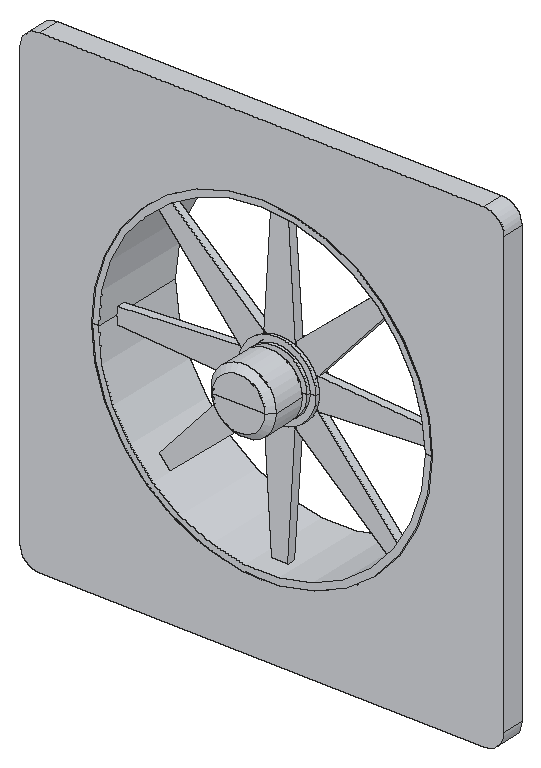
Revit family "CADS_Vent-Axia_MechEquip_Fan_VSP_SabreSicklePlate_1Ph4P - SUPPLY", category Mechanical Equipment, Revit 2020
Family settings
  Round Connector Dimension = Use Diameter
  Part Type = Normal
  OmniClass Number = 23.75.00.00
  OmniClass Title = Climate Control (HVAC)
  Work Plane-Based = No
  Always vertical = Yes
  Cut with Voids When Loaded = No
  Shared = No
  Room Calculation Point = No
Parameters (values of type "VSP25014A")
  WorkingPressure = 0.0 Pa
  WarrantyStartDate [instance] = "1900-12-31T23:59:59"
  WarrantyPeriod = ""
  WarrantyIdentifier = "N/A"
  WarrantyGuarantorParts = "tech@vent-axia.com"
  WarrantyGuarantorLabor = "tech@vent-axia.com"
  WarrantyGuarantor = "Vent-Axia Limited"
  WarrantyEndDate [instance] = "1900-12-31T23:59:59"
  WarrantyContent = ""
  TemperatureRange = ""
  TagNumber [instance] = "N/A"
  SustainabilityPerformance = ""
  Status = "New"
  Size = ""
  Shape = ""
  ServiceLifeType = ""
  ServiceLifeDuration = ""
  SerialNumber [instance] = "N/A"
  ReplacementCost = ""
  RatedVoltage = 0 V
  RatedCurrent = 0 A
  Quantity = 1
  ProductionYear = ""
  PressureCurve = ""
  PowerFactor = ""
  PointOfContact = ""
  NumberOfPoles = 0
  NominalWidth = 370 mm
  NominalLength = 73.4 mm
  NominalHeight = 250 mm
  NominalFrequencyRange = ""
  NominalDiameter = 250 mm
  ModelReference = "OWLET SICKLE PLATE FAN 250 DIA 1PH 4 POLE"
  ModelNumber = "VSP25014A"
  Material = ""
  ManufacturerE-Mail = "tech@vent-axia.com"
  ManufacturerAddress = "Fleming Way\nCrawley \nRH10 9YX"
  IsExtendedWarranty = no
  InsulationStandardClass = ""
  InstallationDate [instance] = "1900-12-31T23:59:59"
  IfcExportType [instance] = ""
  IfcExportAs = "IfcFanType"
  IP_Code = ""
  HasProtectiveEarth = no
  GrossWeight = 0.00 kg
  Grade = ""
  GlobalTradeItemNumber [instance] = "N/A"
  G = 17 mm
  Fitting Type = "Ignore"
  Finish = ""
  Features = ""
  ExteriorInsulation = no
  ExpectedServiceLife = 0
  Exclusions = ""
  E = 34 mm
  DurationUnit = "Year"
  Default Elevation = 0 mm
  Constituents = ""
  ConductorFunction = ""
  Color = ""
  CodePerformance = ""
  Category = ""
  CADS_Usage = 0
  CADS_Index = 0
  AssetType = "FIXED"
  AssetIdentifier [instance] = "N/A"
  AssemblyPlace = "UNKNOWN"
  ArticleNumber [instance] = "N/A"
  AirflowRateRange = 0.0 L/s
  Air Flow [instance] = 0.0 L/s
  AccessibilityPerformance = ""
  A = NominalWidth  # 370 mm
Types (8, lengths in mm): name | NominalWidth | NominalLength | NominalHeight | NominalDiameter | ModelReference | ModelNumber | A
  VSP25014A | 370 | 73.4 | 250 | 250 | "OWLET SICKLE PLATE FAN 250 DIA 1PH 4 POLE" | "VSP25014A" | 370
  VSP31514B | 430 | 83.9 | 315 | 315 | "315MM 1PH 4P SICKLE FAN FN031-4EQ.WD.A7 (169504)" | "VSP31514B" | 430
  VSP35514B | 485 | 82.9 | 355 | 355 | "355MM 1PH 4P SICKLE FAN FN035-4EQ.WD.A7 (169505)" | "VSP35514B" | 485
  VSP40014A | 549 | 91.5 | 400 | 400 | "OWLET SICKLE PLATE FAN 400DIA 1PH 4 POLE" | "VSP40014A" | 549
  VSP45014B | 575 | 143.5 | 450 | 450 | "450MM 1PH 4P SICKLE FAN FN045-4EQ.4I.A7P1 169508" | "VSP45014B" | 575
  VSP50014B | 655 | 141.5 | 500 | 500 | "500MM 1PH 4P SICKLE FAN FN050-4EQ.4I.A7P1 169510" | "VSP50014B" | 655
  VSP56014B | 725 | 167.5 | 560 | 560 | "560MM 1PH 4P SICKLE FAN FN056-4EQ.6K.A7P3 169513" | "VSP56014B" | 725
  VSP63014B | 725 | 159.5 | 630 | 630 | "630MM 1PH 4P SICKLE FAN FN063-4EQ.6N.A7P6 169517" | "VSP63014B" | 725
Reference planes
  plane 1 "Center (Front/Back)": y = 0
  plane 2: z = 0
  plane 3 "Center (Left/Right)": x = 0
  plane 4: x = -125
  plane 5: x = 125
  plane 6 "F": y = -17
  plane 7 "B": y = 56.4
  plane 8: x = -185
  plane 9: x = -130
  plane 10 "top": z = 125
  plane 11: z = -125
  plane 12: x = 185
  plane 13: z = 185
  plane 14: z = -185
Forms (mm)
  Revolve 1, solid
    sketch origin (0, 0, 0) x (1, 0, 0) y (0, 1, 0)
      loop
        line (-130, -17) -> (-125, -17) -> (-125, 56.4) -> (-130, 56.4) -> (-130, -17)
      axis (0, 56.4) -> (0, -17)
    angle from 0 to 360
  Extrusion 2, solid
    sketch origin (0, 0, 0) x (1, 0, 0) y (0, 0, 1)
      loop
        arc (-170, 185) -> (-180.607, 180.607) -> (-185, 170) r 15
        line (-185, 170) -> (-185, -170)
        arc (-185, -170) -> (-180.607, -180.607) -> (-170, -185) r 15
        line (-170, -185) -> (170, -185)
        arc (170, -185) -> (180.607, -180.607) -> (185, -170) r 15
        line (185, -170) -> (185, 170)
        arc (185, 170) -> (180.607, 180.607) -> (170, 185) r 15
        line (170, 185) -> (-170, 185)
      loop
        circle (0, 0) r 130
    from 0 to 17 <- "G"
Dimensions and locks
  equal spacing: plane 4, plane 3 "Center (Left/Right)", plane 5
  "NominalLength": plane 7 "B" to plane 6 "F"
  "NominalDiameter": plane 4 to plane 5
  locked: plane 9 to plane 4 at 5
  equal spacing: plane 10 "top", level, plane 11
  "NominalDiameter": plane 10 "top" to plane 11
  equal spacing: plane 12, plane 3 "Center (Left/Right)", plane 8
  "A": plane 12 to plane 8
  equal spacing: plane 13, level, plane 14
  "A": plane 13 to plane 14
  "G": plane 6 "F" to plane 1 "Center (Front/Back)"
  aligned and locked: level to plane 2
  aligned and locked: Extrusion 2 sketch curve to Revolve 1  (x2)
Automatic sketch dimensions
  plane 6 "F" to Revolve 1 sketch curve = 0 mm
  Revolve 1 sketch curve to plane 4 = 0 mm
  Revolve 1 sketch curve to plane 3 "Center (Left/Right)" = 0 mm
  plane 1 "Center (Front/Back)" to Revolve 1 sketch curve = 0 mm
  Revolve 1 sketch curve to plane 7 "B" = 0 mm
  plane 6 "F" to Revolve 1 sketch curve = 115 mm
  Revolve 1 sketch curve to plane 9 = 0 mm
  Extrusion 2 sketch curve to plane 8 = 0 mm
  Extrusion 2 sketch curve to plane 13 = 0 mm
  Extrusion 2 sketch curve to plane 14 = 0 mm
  plane 12 to Extrusion 2 sketch curve = 0 mm
  plane 8 to Extrusion 2 sketch curve = 15 mm  (x2)
  plane 12 to Extrusion 2 sketch curve = 15 mm  (x2)
Nested families
  nested 1: "Fan for ESP" at (0, 0, 0), ND <- "NominalDiameter", BE <- "E", type "Fan for ESP"
    with hub 25 mm, ND 250 mm, BoltPCD 20 mm, Bolt Count 6, B_Diam 5 mm, BE 34 mm
  nested 2: "ESC Blade" at (0, 0, 0), type "ESC Blade"
    with a 20.00°, HR 25 mm, HD 50 mm, BT 12.5 mm, BR 100 mm, BH 40 mm, BD 250 mm, BB 25 mm
  nested 3: "ESC Blade" at (0, 0, 0) x (0.7071, 0, -0.7071) z (0.7071, 0, 0.7071), type "ESC Blade"
    with a 20.00°, HR 25 mm, HD 50 mm, BT 12.5 mm, BR 100 mm, BH 40 mm, BD 250 mm, BB 25 mm
  nested 4: "ESC Blade" at (0, 0, 0) x (0, 0, -1) z (1, 0, 0), type "ESC Blade"
    with a 20.00°, HR 25 mm, HD 50 mm, BT 12.5 mm, BR 100 mm, BH 40 mm, BD 250 mm, BB 25 mm
  nested 5: "ESC Blade" at (0, 0, 0) x (-0.7071, 0, -0.7071) z (0.7071, 0, -0.7071), type "ESC Blade"
    with a 20.00°, HR 25 mm, HD 50 mm, BT 12.5 mm, BR 100 mm, BH 40 mm, BD 250 mm, BB 25 mm
  nested 6: "ESC Blade" at (0, 0, 0) x (-1, 0, 0) z (0, 0, -1), type "ESC Blade"
    with a 20.00°, HR 25 mm, HD 50 mm, BT 12.5 mm, BR 100 mm, BH 40 mm, BD 250 mm, BB 25 mm
  nested 7: "ESC Blade" at (0, 0, 0) x (-0.7071, 0, -0.7071) z (-0.7071, 0, 0.7071), type "ESC Blade"
    with a 20.00°, HR 25 mm, HD 50 mm, BT 12.5 mm, BR 100 mm, BH 40 mm, BD 250 mm, BB 25 mm
  nested 8: "ESC Blade" at (0, 0, 0) x (0, 0, -1) z (-1, 0, 0), type "ESC Blade"
    with a 20.00°, HR 25 mm, HD 50 mm, BT 12.5 mm, BR 100 mm, BH 40 mm, BD 250 mm, BB 25 mm
  nested 9: "ESC Blade" at (0, 0, 0) x (0.7071, 0, -0.7071) z (-0.7071, 0, -0.7071), type "ESC Blade"
    with a 20.00°, HR 25 mm, HD 50 mm, BT 12.5 mm, BR 100 mm, BH 40 mm, BD 250 mm, BB 25 mm
Connectors
  hvac at (0, -17, 0), driven by "NominalDiameter", driven by "Air Flow"
    settings: on Revolve 1, index 1, duct flow 0.0 L/s, flow factor 0, pres drop 0.0 Pa, loss coef 0, conn angle 0.00°, conn width 304.8 mm, conn height 304.8 mm, conn diameter 250 mm, duct sys type 1, conn prof type 0, flow config 0, flow direction 1, loss method 0, conn ref index -1, conn util no, is conn primary yes, conn desc ""
  hvac at (0, 56.4, 0), driven by "NominalDiameter", driven by "Air Flow"
    settings: on Revolve 1, index 2, duct flow 0.0 L/s, flow factor 0, pres drop 0.0 Pa, loss coef 0, conn angle 0.00°, conn width 304.8 mm, conn height 304.8 mm, conn diameter 250 mm, duct sys type 1, conn prof type 0, flow config 1, flow direction 2, loss method 0, conn ref index -1, conn util no, is conn primary no, conn desc ""
Definition of nested family "Fan for ESP"
  Parameters (values of type "Fan for ESP")
    hub [instance] = ND / 10  # 25.1 mm
    ND [instance] = 251 mm
    Model = "."
    Default Elevation = 0 mm
    BoltPCD [instance] = hub - (hub * 0.2)  # 20.08 mm
    Bolt Count [instance] = if(hub < 50 mm, 6, 8)  # 6
    B_Diam [instance] = if(hub < 50 mm, 5 mm, 10 mm)  # 5 mm
    BE [instance] = 84 mm
  Reference planes
    plane 1 "Center (Front/Back)": y = 0
    plane 2: z = 0
    plane 3 "Center (Left/Right)": x = 0
    plane 4 "back": y = 20
    plane 5 "boss": y = -89
    plane 6 "B": z = 25.1
    plane 7: x = -30.1
    plane 8: x = -25.1
    plane 9 "hubface": y = -5
    plane 10: x = -20.1
    plane 11: y = -84
  Forms (mm)
    Revolve 1, solid
      sketch origin (0, 0, 0) x (1, 0, 0) y (0, 1, 0)
        loop
          line (0, -5) -> (0, 10.504) -> (-30.1, 10.504) -> (-30.1, -2.597) -> (-25.1, -2.597) -> (-25.1, -5) -> (0, -5)
        axis (0, 10.504) -> (0, -5)
      angle from 0 to 360
    Extrusion 2, solid, not visible
      sketch origin (0, -6.347, -4) x (-1, 0, 0) y (0, 0, 1)
        loop
          circle (0, 84) r 5
      from 0 to 3
    Revolve 3, solid
      sketch origin (0, 0, 0) x (1, 0, 0) y (0, 1, 0)
        loop
          line (-20.1, -5) -> (-25.1, -10) -> (-25.1, -84) -> (-20.1, -89) -> (0, -89) -> (0, -5) -> (-20.1, -5)
        axis (0, -5) -> (0, -89)
      angle from 0 to 360
  Lines and regions (mm)
    symbolic lines
      curve 1: circle (0, -89, 0) r 20.08 normal (0, 1, 0)
    model lines, not visible
      curve 2: line (0, -6.347, 85) -> (0, -6.347, 75)
  Dimensions and locks
    "hub": plane 6 "B" to plane 2
    "hub": nested 3 to plane 3 "Center (Left/Right)"
    "hub": nested 4 to plane 3 "Center (Left/Right)"
    "hub": nested 5 to plane 3 "Center (Left/Right)"
    "hub": plane 3 "Center (Left/Right)" to nested 6
    "hub": plane 3 "Center (Left/Right)" to nested 7
    "hub": plane 3 "Center (Left/Right)" to nested 8
    "hub": plane 3 "Center (Left/Right)" to nested 9
    "hub": plane 8 to plane 3 "Center (Left/Right)"
    plane 7 to plane 8 = 5 mm
    "BE": plane 5 "boss" to plane 9 "hubface"
    locked: plane 11 to plane 5 "boss" at 5
    plane 8 to plane 10 = 5 mm
    locked: plane 9 "hubface" to plane 1 "Center (Front/Back)" at 5
    diameter of Extrusion 2 sketch curve = 10 mm
    "BoltPCD": radius of curve 1
    aligned and locked: level to plane 2
    aligned and locked: plane 6 "B" to nested 1
  Automatic sketch dimensions
    Revolve 1 sketch curve to plane 7 = 0 mm
    Revolve 1 sketch curve to plane 8 = 0 mm
    Revolve 1 sketch curve to plane 3 "Center (Left/Right)" = 0 mm  (x2)
    Revolve 1 sketch curve to plane 9 "hubface" = 0 mm
    plane 1 "Center (Front/Back)" to Revolve 1 sketch curve = 2.597 mm
    plane 4 "back" to Revolve 1 sketch curve = 5 mm
    plane 4 "back" to Revolve 1 sketch curve = 9.496 mm
    Revolve 1 sketch curve to Revolve 1 sketch curve = 54.496 mm
    Revolve 3 sketch curve to plane 8 = 0 mm
    Revolve 3 sketch curve to plane 5 "boss" = 0 mm
    Revolve 3 sketch curve to plane 10 = 0 mm  (x2)
    Revolve 3 sketch curve to plane 9 "hubface" = 0 mm
    Revolve 3 sketch curve to plane 3 "Center (Left/Right)" = 0 mm  (x2)
    Revolve 3 sketch curve to plane 11 = 0 mm
    Revolve 3 sketch curve to plane 9 "hubface" = 5 mm
    plane 4 "back" to Revolve 3 sketch curve = 4.08 mm
    Revolve 3 sketch curve to plane 4 "back" = 3.828 mm
    curve 1 to level = 0 mm
    curve 1 to plane 3 "Center (Left/Right)" = 0 mm
  Nested families
    nested 1: "ESC Blade" at (0, 0, 0), BD <- "ND", HD <- "hub", type "ESC Blade"
      with a 20.00°, HR 25.1 mm, HD 50.2 mm, BT 12.55 mm, BR 100.4 mm, BH 40 mm, BD 251 mm, BB 25.1 mm
    nested 2: "ESC Blade" at (0, 0, 755), BD <- "ND", HD <- "hub", type "ESC Blade", not visible
      with a 20.00°, HR 25.1 mm, HD 50.2 mm, BT 12.55 mm, BR 100.4 mm, BH 40 mm, BD 251 mm, BB 25.1 mm
    nested 3: "ESC Blade" at (0, 0, 0) x (0.7071, 0, -0.7071) z (0.7071, 0, 0.7071), BD <- "ND", HD <- "hub", type "ESC Blade"
      with a 20.00°, HR 25.1 mm, HD 50.2 mm, BT 12.55 mm, BR 100.4 mm, BH 40 mm, BD 251 mm, BB 25.1 mm
    nested 4: "ESC Blade" at (0, 0, 0) x (0, 0, -1) z (1, 0, 0), BD <- "ND", HD <- "hub", type "ESC Blade"
      with a 20.00°, HR 25.1 mm, HD 50.2 mm, BT 12.55 mm, BR 100.4 mm, BH 40 mm, BD 251 mm, BB 25.1 mm
    nested 5: "ESC Blade" at (0, 0, 0) x (-0.7071, 0, -0.7071) z (0.7071, 0, -0.7071), BD <- "ND", HD <- "hub", type "ESC Blade"
      with a 20.00°, HR 25.1 mm, HD 50.2 mm, BT 12.55 mm, BR 100.4 mm, BH 40 mm, BD 251 mm, BB 25.1 mm
    nested 6: "ESC Blade" at (0, 0, 0) x (-1, 0, 0) z (0, 0, -1), BD <- "ND", HD <- "hub", type "ESC Blade"
      with a 20.00°, HR 25.1 mm, HD 50.2 mm, BT 12.55 mm, BR 100.4 mm, BH 40 mm, BD 251 mm, BB 25.1 mm
    nested 7: "ESC Blade" at (0, 0, 0) x (-0.7071, 0, -0.7071) z (-0.7071, 0, 0.7071), BD <- "ND", HD <- "hub", type "ESC Blade"
      with a 20.00°, HR 25.1 mm, HD 50.2 mm, BT 12.55 mm, BR 100.4 mm, BH 40 mm, BD 251 mm, BB 25.1 mm
    nested 8: "ESC Blade" at (0, 0, 0) x (0, 0, -1) z (-1, 0, 0), BD <- "ND", HD <- "hub", type "ESC Blade"
      with a 20.00°, HR 25.1 mm, HD 50.2 mm, BT 12.55 mm, BR 100.4 mm, BH 40 mm, BD 251 mm, BB 25.1 mm
    nested 9: "ESC Blade" at (0, 0, 0) x (0.7071, 0, -0.7071) z (-0.7071, 0, -0.7071), BD <- "ND", HD <- "hub", type "ESC Blade"
      with a 20.00°, HR 25.1 mm, HD 50.2 mm, BT 12.55 mm, BR 100.4 mm, BH 40 mm, BD 251 mm, BB 25.1 mm
  Definition of nested family "ESC Blade"
    Parameters (values of type "ESC Blade")
      a [instance] = 20.00°
      HR [instance] = HD / 2  # 30 mm
      HD [instance] = BD / 5  # 60 mm
      Default Elevation = 1219.2 mm
      BT [instance] = BD / 20  # 15 mm
      BR [instance] = (BD / 2) - HR  # 120 mm
      BH [instance] = 40 mm
      BD [instance] = 300 mm
      BB [instance] = BD / 10  # 30 mm
    Reference planes
      plane 1 "Center (Front/Back)": y = 0
      plane 2: z = 0
      plane 3 "Center (Left/Right)": x = 0
      plane 4 "Blade Bot": z = 30
      plane 5: x = -15
      plane 6: x = 15
      plane 7: x = -7.5
      plane 8: x = 7.5
    Forms (mm)
      Blend 1, solid
        base sketch origin (0, 0, 30) x (-1, 0, 0) y (0, -1, 0)
          loop
            line (15, 0) -> (-15, 0) -> (-15, -6) -> (15, -6) -> (15, 0)
        top sketch origin (0, 0, 30) x (-1, 0, 0) y (0, -1, 0)
          loop
            line (7.5, -6) -> (7.5, 0) -> (-7.5, 0) -> (-7.5, -6) -> (7.5, -6)
        from 0 to 120 <- "BR"
    Dimensions and locks
      "HR": plane 4 "Blade Bot" to level
      equal spacing: plane 8, plane 3 "Center (Left/Right)", plane 7
      "BT": plane 8 to plane 7
      equal spacing: plane 6, plane 3 "Center (Left/Right)", plane 5
      "BB": plane 6 to plane 5
      aligned and locked: level to plane 2
    Automatic sketch dimensions
      plane 1 "Center (Front/Back)" to Blend 1 sketch curve = 0 mm  (x2)
      Blend 1 sketch curve to plane 6 = 0 mm
      Blend 1 sketch curve to plane 5 = 0 mm
      Blend 1 sketch curve to plane 1 "Center (Front/Back)" = 6 mm  (x2)
      Blend 1 sketch curve to plane 8 = 0 mm
      Blend 1 sketch curve to plane 7 = 0 mm
Definition of nested family "ESC Blade"
  Parameters (values of type "ESC Blade")
    a [instance] = 20.00°
    HR [instance] = HD / 2  # 30 mm
    HD [instance] = BD / 5  # 60 mm
    Default Elevation = 1219.2 mm
    BT [instance] = BD / 20  # 15 mm
    BR [instance] = (BD / 2) - HR  # 120 mm
    BH [instance] = 40 mm
    BD [instance] = 300 mm
    BB [instance] = BD / 10  # 30 mm
  Reference planes
    plane 1 "Center (Front/Back)": y = 0
    plane 2: z = 0
    plane 3 "Center (Left/Right)": x = 0
    plane 4 "Blade Bot": z = 30
    plane 5: x = -15
    plane 6: x = 15
    plane 7: x = -7.5
    plane 8: x = 7.5
  Forms (mm)
    Blend 1, solid
      base sketch origin (0, 0, 30) x (-1, 0, 0) y (0, -1, 0)
        loop
          line (15, 0) -> (-15, 0) -> (-15, -6) -> (15, -6) -> (15, 0)
      top sketch origin (0, 0, 30) x (-1, 0, 0) y (0, -1, 0)
        loop
          line (7.5, -6) -> (7.5, 0) -> (-7.5, 0) -> (-7.5, -6) -> (7.5, -6)
      from 0 to 120 <- "BR"
  Dimensions and locks
    "HR": plane 4 "Blade Bot" to level
    equal spacing: plane 8, plane 3 "Center (Left/Right)", plane 7
    "BT": plane 8 to plane 7
    equal spacing: plane 6, plane 3 "Center (Left/Right)", plane 5
    "BB": plane 6 to plane 5
    aligned and locked: level to plane 2
  Automatic sketch dimensions
    plane 1 "Center (Front/Back)" to Blend 1 sketch curve = 0 mm  (x2)
    Blend 1 sketch curve to plane 6 = 0 mm
    Blend 1 sketch curve to plane 5 = 0 mm
    Blend 1 sketch curve to plane 1 "Center (Front/Back)" = 6 mm  (x2)
    Blend 1 sketch curve to plane 8 = 0 mm
    Blend 1 sketch curve to plane 7 = 0 mm
